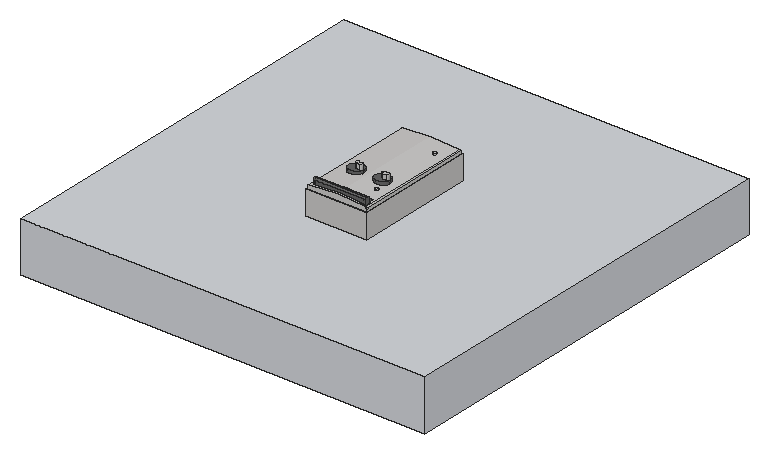
Revit family
Parameters (values of type "Free Operation")
  Warranty Duration (Years) = 0
  Unit Width = 1' - 2 3/8"
  Unit Height = 2' - 4 3/8"
  Unit Depth = 0' - 7 1/8"
  URL = "http://www.bobrick.com/Pages/default.aspx"
  Test Data = ""
  Specification = ""
  SpecWizard = ""
  Send Message = "http://www.arcat.com/users.pl?action=UserEmail&company=Bobrick+Washroom+Equipment,+Inc.&coid=30988&rep=156&fax=818-503-1930&mf="
  Sales Information = "http://www.bobrick.com/Pages/ContactUs.aspx"
  Revision = "R1_10_2012"
  Product Properties = ""
  Product Data = "http://arcat.com/arcatcos/cos30/arc30988.html?isac=1&r=1"
  Mounting Height [instance] = 4' - 4 11/128"
  Model = "B-47069C"
  Manufacturer Website = "http://www.bobrick.com/Pages/default.aspx"
  Manufacturer Phone - Toll Free = ""
  Manufacturer Phone = "818-764-1000"
  Manufacturer Fax = "818-503-1930"
  Manufacturer Address = "11611 Hart St. North Hollywood, CA 91605-5882"
  Manufacturer = "Bobrick Washroom Equipment, Inc."
  Maintenance Schedule (Months) = 0
  Keynote = "102813"
  Installation-Fabrication = "http://www.bobrick.com/washroomaccessories/Pages/WashroomAccessories.aspx"
  Installation Phase = ""
  Green Building-LEED = ""
  Finish Material = Stainless Steel - Bobrick - Satin
  Expected Lifespan (Years) = 0
  Drawn By = "Sumex Design, Inc. / Robert S. Weygant, CSI, CDT, SCIP"
  Description = "Bobrick B-47069C Contura Series Surface Mounted Free Napkin-Tampon Vendor"
  Default Elevation = 4' - 0"
  Copyright = "©Arcat Inc."
  Construction Details = ""
  Capacity = "20 Sanitary Napkins  ;  30 Tampons"
  Building Codes = ""
  Assembly Code = "E1090900"
  Accessory Material = Paint - Bobrick - Black
Types (3): name | Model | Description
  Free Operation | "B-47069C" | "Bobrick B-47069C Contura Series Surface Mounted Free Napkin-Tampon Vendor"
  50 Cent Operation | "B-47069 50" | "Bobrick B-47069 50 Contura Series Surface Mounted 50 Cent Napkin-Tampon Vendor"
  25 Cent Operation | "B-47069 25" | "Bobrick B-47069 25 Contura Series Surface Mounted 25 Cent Napkin-Tampon Vendor"
Reference planes (in)
  plane 1 "Center (Front/Back)": y = -0.0017
  plane 2: z = 0
  plane 3 "Center (Left/Right)": x = 0
  plane 4: y = 14.1858
  plane 5: y = -14.1892
  plane 6: x = -7.1875
  plane 7: x = 7.1875
  plane 8: z = 5.75
  plane 9: z = 8.5625
  plane 10: z = 7.125
  plane 11 "FF": y = -37.90013
Forms (in)
  Extrusion 1, solid
    sketch origin (0, 0, 0) x (1, 0, 0) y (0, 1, 0)
      loop
        line (-48, 48) -> (-48, -48) -> (48, -48) -> (48, 48) -> (-48, 48)
    from 0 to -12
  Extrusion 2, solid, material "Stainless Steel - Bobrick - Satin" <- "Finish Material"
    sketch origin (0, 0, 0) x (1, 0, 0) y (0, 1, 0)
      loop
        line (-7.1875, 14.1858) -> (-7.1875, -14.1892) -> (7.1875, -14.1892) -> (7.1875, 14.1858) -> (-7.1875, 14.1858)
    from 5.75 to 0
  Extrusion 3, solid, material "Stainless Steel - Bobrick - Satin" <- "Finish Material"
    sketch origin (-11.83813, 14.1858, 48) x (-1, 0, 0) y (0, 0, 1)
      loop
        arc (-4.90063, -41.59188) -> (-4.96197, -41.42784) -> (-5.11589, -41.3443) r 0.25
        arc (-5.11589, -41.3443) -> (-11.83813, -40.875) -> (-18.56037, -41.3443) r 48.37891
        arc (-18.56037, -41.3443) -> (-18.71429, -41.42784) -> (-18.77563, -41.59188) r 0.25
        line (-18.77563, -41.59188) -> (-18.77563, -42.25) -> (-4.90063, -42.25) -> (-4.90063, -41.59188)
    from -28.125 to -0.25
  Extrusion 4, solid, material "Paint - Bobrick - Black" <- "Accessory Material"
    sketch origin (0, 0, 4) x (0, 1, 0) y (0, 0, 1)
      loop
        line (-13.1892, 1.75) -> (-11.1892, 1.75) -> (-11.1892, 2.42619) -> (-11.5017, 2.42619)
        arc (-11.5017, 2.42619) -> (-12.16461, 2.70077) -> (-12.4392, 3.36369) r 0.9375
        line (-12.4392, 3.36369) -> (-12.4392, 4) -> (-12.8142, 4)
        arc (-12.8142, 4) -> (-13.07936, 3.89017) -> (-13.1892, 3.625) r 0.375
        line (-13.1892, 3.625) -> (-13.1892, 1.75)
    from -6.1875 to 6.1875
  Extrusion 5, void
    sketch origin (0, 0, 4) x (0, 1, 0) y (0, 0, 1)
      loop
        arc (-12.81411, 3.875) -> (-12.99089, 3.80178) -> (-13.06411, 3.625) r 0.25
        line (-13.06411, 3.625) -> (-13.06411, 1.875) -> (-11.1892, 1.875) -> (-11.1892, 2.75) -> (-11.5017, 2.75)
        arc (-11.5017, 2.75) -> (-12.16461, 3.02459) -> (-12.4392, 3.6875) r 0.9375
        line (-12.4392, 3.6875) -> (-12.4392, 3.875) -> (-12.81411, 3.875)
    from -6.0625 to 6.0625
  Extrusion 6, solid, material "Stainless Steel - Bobrick - Satin" <- "Finish Material"
    sketch origin (0, -1, 4) x (1, 0, 0) y (0, 1, 0)
      loop
        circle (-3.125, -3.4392) r 1.77715
      loop
        circle (3.125, -3.4392) r 1.77715
    from 1.875 to 4.1875
  Extrusion 7, void
    sketch origin (0, 0, 4) x (0, 1, 0) y (0, 0, 1)
      loop
        line (-1.46583, 3.17555) -> (-1.46583, 4.56939) -> (-6.41947, 4.56939) -> (-6.41947, 3.61784) -> (-1.46583, 3.17555)
    from -7.67192 to 12
  Extrusion 8, solid, material "Stainless Steel - Bobrick - Satin" <- "Finish Material"
    sketch origin (0, -1, 4) x (1, 0, 0) y (0, 1, 0)
      loop
        arc (-2.90625, -2.84088) -> (-3.28581, -3.22045) -> (-2.90625, -3.60001) r 0.37956
        line (-2.90625, -3.60001) -> (-2.09375, -3.60001)
        arc (-2.09375, -3.60001) -> (-1.71419, -3.22045) -> (-2.09375, -2.84088) r 0.37956
        line (-2.09375, -2.84088) -> (-2.90625, -2.84088)
      loop
        line (4.15625, -2.84088) -> (3.34375, -2.84088)
        arc (3.34375, -2.84088) -> (2.96419, -3.22045) -> (3.34375, -3.60001) r 0.37956
        line (3.34375, -3.60001) -> (4.15625, -3.60001)
        arc (4.15625, -3.60001) -> (4.53581, -3.22045) -> (4.15625, -2.84088) r 0.37956
    from 1.875 to 4.5625
  Extrusion 9, void
    sketch origin (0, 0, 0) x (1, 0, 0) y (0, 1, 0)
      loop
        line (-6.1875, -11.1892) -> (-6.1875, -13.1892) -> (6.1875, -13.1892) -> (6.1875, -11.1892) -> (-6.1875, -11.1892)
    from 5.875 to 8.32784
  Extrusion 10, solid, material "Stainless Steel - Bobrick - Satin" <- "Finish Material"
    sketch origin (0, 0, 0) x (1, 0, 0) y (0, 1, 0)
      loop
        circle (4.29509, 9.52603) r 0.375
      loop
        circle (4.29509, -7.72397) r 0.375
    from 5.75 to 7.00709
Cuts and joins
  Extrusion 5 cuts Extrusion 4
  Extrusion 5, Extrusion 9 cuts Extrusion 3
  Extrusion 7, Extrusion 9 cuts Extrusion 6
  joined: Extrusion 3, Extrusion 6, Extrusion 10
  Extrusion 9 cuts Extrusion 2
  Extrusion 9 cuts Extrusion 8
Lines and regions (in)
  symbolic lines, style "SpecialityEquipmentHiddenLines"
    curve 1: line (6.9375, 13.9358, 0) -> (-6.9375, -0.00292, 0)
    curve 2: line (-6.9375, -0.00292, 0) -> (6.9375, -13.94165, 0)
Dimensions and locks (in)
  equal spacing: plane 4, plane 1 "Center (Front/Back)", plane 5
  "Unit Height": plane 4 to plane 5
  equal spacing: plane 6, plane 3 "Center (Left/Right)", plane 7
  "Unit Width": plane 6 to plane 7
  plane 8 to Extrusion 1 = 0' - 5 3/4"
  plane 9 to plane 8 = 0' - 2 13/16"
  "Unit Depth": plane 10 to Extrusion 1
  "Mounting Height": plane 4 to plane 11 "FF"
  aligned and locked: plane 2 to Extrusion 1
  aligned and locked: level to Extrusion 1
  aligned and locked: plane 8 to Extrusion 2
Automatic sketch dimensions
  Extrusion 1 sketch curve to Extrusion 1 sketch curve = 8' - 0"  (x2)
  plane 6 to Extrusion 2 sketch curve = 0' - 0"
  Extrusion 2 sketch curve to plane 7 = 0' - 0"
  plane 5 to Extrusion 2 sketch curve = 0' - 0"
  Extrusion 2 sketch curve to plane 4 = 0' - 0"
  plane 5 to Extrusion 4 sketch curve = 0' - 1"
  Extrusion 4 sketch curve to Extrusion 4 sketch curve = 0' - 0 3/8"  (x2)
  Extrusion 4 sketch curve to Extrusion 4 sketch curve = 0' - 0 15/16"
  Extrusion 4 sketch curve to Extrusion 4 sketch curve = 0' - 0 5/16"
  level to Extrusion 4 sketch curve = 0' - 5 3/4"
  Extrusion 4 sketch curve to Extrusion 4 sketch curve = 0' - 0.67619"
  Extrusion 4 sketch curve to Extrusion 4 sketch curve = 0' - 0.26131"
  plane 5 to Extrusion 5 sketch curve = 0' - 1.12509"
  Extrusion 5 sketch curve to Extrusion 5 sketch curve = 0' - 0 1/4"
  Extrusion 5 sketch curve to Extrusion 5 sketch curve = 0' - 0.37491"
  Extrusion 5 sketch curve to Extrusion 5 sketch curve = 0' - 0 15/16"
  Extrusion 5 sketch curve to Extrusion 5 sketch curve = 0' - 0 5/16"
  level to Extrusion 5 sketch curve = 0' - 5 7/8"
  Extrusion 5 sketch curve to Extrusion 5 sketch curve = 0' - 0 7/8"
  Extrusion 5 sketch curve to Extrusion 5 sketch curve = 0' - 0 1/16"
  plane 6 to Extrusion 6 sketch curve = 0' - 4 1/16"
  Extrusion 6 sketch curve to plane 7 = 0' - 4 1/16"
  plane 1 "Center (Front/Back)" to Extrusion 6 sketch curve = 0' - 4 7/16"  (x2)
  plane 1 "Center (Front/Back)" to Extrusion 7 sketch curve = 0' - 6.41777"
  plane 1 "Center (Front/Back)" to Extrusion 7 sketch curve = 0' - 1.46413"
  Extrusion 7 sketch curve to Extrusion 7 sketch curve = 0' - 0.44229"
  Extrusion 7 sketch curve to Extrusion 7 sketch curve = 0' - 0.95155"
  plane 6 to Extrusion 8 sketch curve = 0' - 4 9/32"
  Extrusion 8 sketch curve to Extrusion 8 sketch curve = 0' - 0 13/16"  (x2)
  Extrusion 8 sketch curve to plane 7 = 0' - 3 27/32"
  plane 1 "Center (Front/Back)" to Extrusion 8 sketch curve = 0' - 4.59831"  (x2)
  Extrusion 8 sketch curve to Extrusion 8 sketch curve = 0' - 0.37956"  (x2)
  plane 6 to Extrusion 9 sketch curve = 0' - 1"
  Extrusion 9 sketch curve to plane 7 = 0' - 1"
  plane 5 to Extrusion 9 sketch curve = 0' - 1"
  Extrusion 9 sketch curve to Extrusion 9 sketch curve = 0' - 2"
  level to Extrusion 7 sketch curve = 0' - 7.17555"
  plane 1 "Center (Front/Back)" to curve 1 = 0' - 0.00123"
  plane 6 to curve 1 = 0' - 0 1/4"
  curve 2 to plane 7 = 0' - 0 1/4"
  curve 1 to plane 7 = 0' - 0 1/4"
  plane 5 to curve 2 = 0' - 0.24755"
  curve 1 to plane 4 = 0' - 0 1/4"
  Extrusion 10 sketch curve to plane 7 = 0' - 2.89241"  (x2)
  plane 5 to Extrusion 10 sketch curve = 0' - 6.46523"
  Extrusion 10 sketch curve to plane 4 = 0' - 4.65977"
  Extrusion 3 sketch curve to plane 8 = 0' - 0"
  Extrusion 3 sketch curve to plane 3 "Center (Left/Right)" = 0' - 0"
  Extrusion 3 sketch curve to plane 7 = 0' - 0 1/2"
  Extrusion 3 sketch curve to Extrusion 3 sketch curve = 0' - 0.03474"  (x2)
  Extrusion 3 sketch curve to Extrusion 3 sketch curve = 0' - 0"  (x2)
  Extrusion 3 sketch curve to Extrusion 3 sketch curve = 0' - 0 1/4"
  plane 6 to Extrusion 3 sketch curve = 0' - 0 1/2"
  Extrusion 3 sketch curve to level = 3' - 5 65/256"
  radius of Extrusion 6 sketch curve = 0' - 1.77715"  (x2)
  radius of Extrusion 10 sketch curve = 0' - 0 3/8"  (x2)
